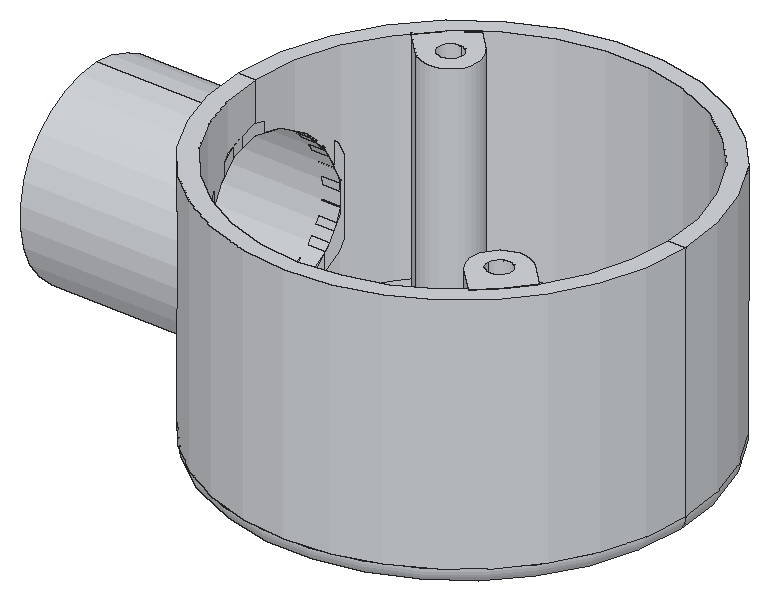
Revit family "PB11W", category Generic Models, Revit 2017
Family settings
  Can host rebar = No
  Round Connector Dimension = Use Diameter
  Part Type = Normal
  Work Plane-Based = Yes
  Always vertical = No
  Cut with Voids When Loaded = No
  Shared = No
  Room Calculation Point = No
Parameters (values of type "NBS Standard Parameters")
  Weight = "0.055Kg"
  WarrantyStartDate [instance] = "1900-12-31T23:59:59"
  WarrantyGuarantorParts = "n/a"
  WarrantyGuarantorLabor = "n/a"
  WarrantyDurationUnit = "1 year"
  WarrantyDurationParts = "n/a"
  WarrantyDurationLabor = "n/a"
  WarrantyDescription = "n/a"
  Version = "1"
  Uniclass2 = "Pr_65_70_11_20"
  TagNumber [instance] = "n/a"
  SustainabilityPerformance = "n/a"
  Size = "25mm"
  Shape = "Circular"
  SerialNumber [instance] = "n/a"
  Revision = "n/a"
  ReplacementCost = "n/a"
  ProductInformation = "www.metpro.co.uk/pdf/PB11w.pdf"
  NominalWidth = 66 mm
  NominalLength = 66 mm
  NominalHeight = 35 mm
  Name = ""
  NBSTypeID = ""
  NBSReference = "90-55-10/460"
  NBSOfficeMasterTag = ""
  NBSNote = ""
  NBSDescription = "Conduit Fittings"
  NBSCertification = ""
  ModelReference = "PB11W"
  ModelNumber = "n/a"
  Material = "PVC"
  ManufacturerURL = "www.metpro.co.uk"
  ManufacturerName = "Metpro Ltd"
  Keynote = "Manufactured to BS4607 Part 1"
  InstallationDate [instance] = "1900-12-31T23:59:59"
  IfcExportType = ""
  IfcExportAs = ""
  Grade = "n/a"
  Finish = "White"
  Features = "n/a"
  ExpectedLife = "n/a"
  DurationUnit = "year"
  Description = "PB11W - 25mm Terminal PVC Conduit Box"
  Default Elevation = 1219.2 mm
  Constituents = "n/a"
  Color = "n/a"
  CodePerformance = "n/a"
  Category = "n/a"
  BarCode [instance] = "n/a"
  BIMObjectName = "Metpro_metprolibrary_conduitfittings_PVC components_circularjunctionbox"
  Author = "Metpro Ltd"
  AssetType = ""
  AssetIdentifier [instance] = "n/a"
  AccessibilityPerformance = "n/a"
Reference planes
  plane 1 "Center (Front/Back)": y = 0
  plane 2: z = 0
  plane 3 "Center (Left/Right)": x = 0
Forms (mm)
  Revolve 1, solid
    sketch origin (21.47, 96.484, -28.771) x (1, 0, 0) y (0, 0, 1)
      loop
        line (-32.5, 47.541) -> (-32.5, 12.5)
        arc (-32.5, 12.5) -> (-31.768, 10.732) -> (-30, 10) r 2.5
        line (-30, 10) -> (0, 10) -> (0, 12.541) -> (-27, 12.541)
        arc (-27, 12.541) -> (-29.121, 13.42) -> (-30, 15.541) r 3
        line (-30, 15.541) -> (-30, 47.541) -> (-32.5, 47.541)
      axis (0, 10) -> (0, 47.541)
    angle from 0 to 360
  Extrusion 2, solid
    sketch origin (21.47, 96.484, 18.771) x (0, 1, 0) y (-1, 0, 0)
      loop
        arc (-13.805, -21.577) -> (-13.887, -16.02) -> (-19.441, -15.821) r 4.033
        line (-19.441, -15.821) -> (-22.946, -19.326)
        arc (-22.946, -19.326) -> (-20.14, -22.235) -> (-16.968, -24.74) r 30
        line (-16.968, -24.74) -> (-13.805, -21.577)
      loop
        circle (-16.769, -18.842) r 1.752
      loop
        line (21.577, 13.805) -> (24.74, 16.968)
        arc (24.74, 16.968) -> (22.235, 20.14) -> (19.326, 22.946) r 30
        line (19.326, 22.946) -> (15.821, 19.441)
        arc (15.821, 19.441) -> (16.02, 13.887) -> (21.577, 13.805) r 4.033
      loop
        circle (18.842, 16.769) r 1.752
    from -35.699 to 0
  Extrusion 3, void
    sketch origin (21.47, 96.484, -28.771) x (0, 0, 1) y (0, -1, 0)
      loop
        circle (27.754, 0.168) r 12.5
    from -53 to 4.707
  Extrusion 4, solid
    sketch origin (19.97, 96.484, -27.521) x (0, 0, 1) y (0, 1, 0)
      loop
        circle (26.504, -0.168) r 12.5
      loop
        circle (26.504, -0.168) r 14
    from 24.792 to 51.5
  Extrusion 5, void
    sketch origin (21.47, 96.484, 18.771) x (-1, 0, 0) y (0, 1, 0)
      loop
        arc (21.381, -21.044) -> (29.886, -2.615) -> (24.71, 17.012) r 30
        arc (24.71, 17.012) -> (21.435, -1.875) -> (21.381, -21.044) r 113.612
    from 0 to 35.699
Cuts and joins
  Extrusion 3 cuts Revolve 1
  Extrusion 3, Extrusion 5 cuts Extrusion 4
Dimensions and locks
  aligned and locked: level to plane 2
